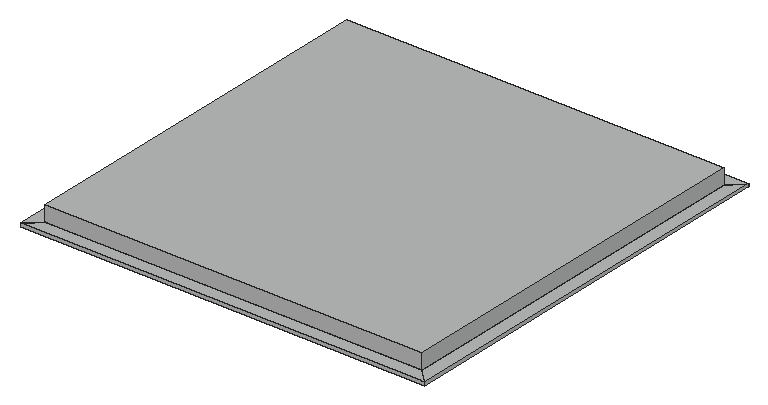
Revit family "AVRORA", category Осветительные приборы, Revit 2019 (continued)
Types (10, lengths in mm): name | built-in parameter 1150134 | Файл фотометрической сетки | built-in parameter 1150142 | built-in parameter 1150107 | Emit from Rectangle Width | Emit from Rectangle Length | Длина | Ширина | ADSK_Обозначение | ADSK_Наименование | ADSK_Код изделия
     657.800 617.600 577.300 536.400 495.300 453.500 410.300 367.400 325.600 284.400 243.600 204.000 165.000 128.500 93.800 \r\n62.400 33.800 5.100 0.800 \r\n1326.200 1325.300 1321.300 1314.700 1306.100 1296.200 1283.600 1269.300 1252.500 1233.900 1213.200 1191.000 1166.900 1141.000 1113.600 1084.600 1055.100 1023.500 991.000 \r\n957.200 922.100 887.500 850.400 813.500 775.200 736.700 697.400 657.700 617.600 577.200 536.300 495.200 453.500 410.300 366.900 325.700 284.200 243.600 203.100 164.500 128.400 94.300 \r\n61.400 33.200 5.400 0.700 \r\n1326.200 1324.500 1321.200 1315.200 1306.600 1295.700 1283.900 1269.200 1252.400 1233.500 1213.300 1191.600 1166.600 1140.800 1113.400 1084.600 1055.000 1023.100 990.900 \r\n957.100 922.000 887.100 850.300 812.800 774.900 736.900 697.400 657.600 617.600 576.900 536.100 495.000 453.100 410.200 366.500 325.600 283.700 243.600 202.400 164.100 128.000 94.100 \r\n61.100 32.500 5.400 0.700 \r\n1326.700 1324.600 1321.300 1314.400 1306.100 1296.200 1283.300 1269.100 1252.600 1233.300 1213.200 1190.400 1166.700 1141.200 1113.100 1084.500 1054.800 1023.200 991.100 \r\n957.100 922.100 886.900 850.200 812.800 775.100 736.500 697.200 657.500 617.700 576.800 536.200 494.800 452.800 409.600 366.900 325.500 283.400 243.800 202.400 163.700 127.600 93.600 \r\n61.500 31.300 5.400 0.700 \r\n1326.500 1324.800 1321.500 1314.700 1306.600 1296.100 1283.900 1269.200 1252.200 1233.100 1212.900 1190.700 1166.500 1140.300 1113.600 1084.800 1054.800 1023.000 990.900 \r\n957.100 922.300 886.400 850.200 812.300 775.500 736.700 697.000 657.400 617.500 576.700 535.900 494.900 452.700 409.300 366.700 325.500 283.400 243.800 202.700 163.700 127.300 92.900 \r\n61.300 30.300 5.200 0.700 \r\n1326.400 1324.900 1321.400 1315.000 1305.700 1296.400 1283.900 1269.200 1252.000 1233.300 1212.600 1190.400 1166.300 1140.300 1113.700 1084.900 1054.500 1023.000 990.700 \r\n957.200 922.000 887.000 850.100 812.700 774.800 736.400 697.100 657.400 617.100 576.700 535.900 494.900 452.600 409.000 366.300 325.600 283.000 243.800 202.700 163.900 127.400 92.500 \r\n60.800 31.000 4.600 0.600 \r\n1326.100 1325.100 1321.100 1314.900 1306.200 1296.400 1284.500 1269.200 1251.900 1233.300 1212.600 1190.600 1166.100 1140.100 1113.700 1084.600 1054.700 1023.200 990.500 \r\n957.000 921.900 886.500 849.700 812.700 774.800 736.300 696.700 657.300 617.100 576.600 535.700 494.500 452.400 408.800 366.000 325.400 282.700 243.800 202.700 163.900 127.800 92.500 \r\n60.300 30.600 4.000 0.600 \r\n1326.000 1325.200 1321.300 1315.600 1307.200 1296.000 1283.600 1269.300 1252.300 1232.900 1212.700 1191.000 1166.100 1140.900 1113.600 1084.900 1054.400 1022.900 990.300 \r\n956.800 921.800 887.100 849.800 812.200 774.200 736.400 696.700 657.300 617.000 576.500 535.700 494.200 452.200 408.400 366.400 325.300 282.900 243.700 202.700 163.700 127.800 92.800 \r\n60.700 30.000 4.000 0.500 \r\n1326.600 1325.400 1321.300 1315.100 1306.600 1295.900 1283.900 1269.200 1251.800 1232.900 1212.800 1190.600 1166.200 1140.600 1112.500 1084.700 1053.900 1022.700 990.300 \r\n956.600 921.700 886.100 849.700 813.000 774.100 736.400 696.700 657.200 617.000 576.500 535.600 494.500 451.900 408.400 365.900 325.200 282.600 243.700 202.700 163.600 127.800 92.800 \r\n61.000 30.500 3.900 0.500 \r\n1326.700 1325.000 1321.000 1314.600 1307.500 1296.000 1283.300 1268.900 1251.700 1232.900 1212.700 1190.100 1166.000 1140.500 1112.400 1084.300 1053.700 1022.500 990.300 \r\n956.500 921.500 886.600 849.600 812.400 774.600 736.000 696.600 657.100 616.600 576.500 535.500 494.000 452.000 408.400 365.900 325.100 282.800 243.500 202.700 163.400 127.800 92.800 \r\n61.100 30.900 4.000 0.500 \r\n1326.200 1324.900 1321.200 1314.900 1307.000 1296.000 1283.800 1268.600 1251.800 1232.700 1212.500 1190.100 1165.400 1140.600 1112.900 1084.000 1053.600 1022.500 990.100 \r\n956.300 921.500 886.100 849.500 812.200 774.400 735.700 696.900 657.000 616.800 576.300 535.200 494.200 452.000 408.300 365.800 325.000 282.600 243.400 202.600 163.300 127.700 92.800 \r\n61.200 30.900 4.000 0.500 \r\n1326.000 1325.500 1321.200 1314.500 1306.300 1296.100 1283.700 1268.800 1251.800 1233.200 1212.400 1189.500 1165.600 1139.900 1113.200 1084.000 1054.000 1022.600 989.900 \r\n956.200 921.400 885.800 849.300 812.000 774.300 735.800 696.500 656.800 616.500 576.300 535.100 494.000 451.800 408.300 365.700 324.800 282.700 243.300 202.500 163.300 127.700 92.700 \r\n61.200 30.900 4.000 0.500 \r\n1326.200 1324.600 1321.200 1314.900 1307.200 1296.000 1283.400 1268.900 1252.200 1233.000 1212.200 1190.100 1165.400 1140.200 1112.700 1084.100 1054.200 1022.500 989.500 \r\n956.200 921.100 885.700 849.000 811.600 773.700 735.400 696.200 656.700 616.400 576.200 535.000 493.700 451.700 408.300 365.600 324.800 282.500 243.300 202.400 163.500 127.700 92.800 \r\n61.200 30.900 3.800 0.500 \r\n1326.200 1325.100 1321.000 1315.300 1306.600 1296.000 1283.700 1268.700 1252.300 1232.800 1212.300 1190.500 1165.300 1139.800 1112.400 1084.200 1053.700 1022.200 989.500 \r\n956.000 921.000 885.100 849.000 812.000 774.600 735.300 696.000 656.600 616.400 575.900 534.700 493.600 451.700 408.200 365.500 324.700 282.500 243.300 202.300 163.600 127.800 92.800 \r\n61.200 30.600 4.700 0.600 \r\n1326.600 1323.700 1321.200 1315.200 1307.200 1295.800 1283.100 1268.900 1251.600 1232.600 1212.200 1189.800 1165.500 1139.900 1112.600 1084.000 1053.800 1022.200 989.800 \r\n956.000 921.000 885.500 849.200 812.000 774.700 735.300 696.100 656.300 616.200 575.800 534.700 493.600 451.700 408.300 365.600 324.600 282.500 243.300 202.100 163.700 127.800 92.900 \r\n61.100 30.200 5.300 0.600 \r\n1326.400 1324.100 1321.300 1314.900 1306.800 1295.600 1283.500 1269.100 1251.600 1232.500 1212.100 1189.900 1165.400 1139.800 1112.000 1083.600 1053.500 1022.200 989.700 \r\n955.800 920.800 885.100 849.100 811.200 773.600 735.100 695.800 656.200 616.200 575.700 534.500 493.500 451.400 408.200 365.600 324.500 282.400 243.300 202.000 163.900 127.800 93.100 \r\n60.800 30.500 5.300 0.600 \r\n1326.300 1324.400 1321.300 1314.800 1306.100 1295.700 1283.400 1268.800 1251.900 1232.700 1212.100 1190.100 1165.400 1139.800 1112.400 1083.500 1053.500 1022.100 989.800 \r\n955.700 920.900 885.200 849.000 811.000 774.000 735.100 695.800 656.100 616.000 575.400 534.400 493.400 451.400 408.300 365.500 324.400 282.700 243.200 202.100 163.900 127.700 93.100 \r\n60.300 30.800 5.100 0.600 \r\n1326.400 1324.000 1321.400 1315.600 1306.300 1295.800 1283.100 1268.500 1252.000 1232.600 1212.300 1189.200 1165.500 1139.600 1112.900 1083.800 1053.600 1021.900 989.700 \r\n955.800 920.800 885.600 848.800 811.500 773.600 735.000 695.700 655.800 615.800 575.400 534.200 493.100 451.500 408.500 365.500 324.300 282.900 243.200 202.100 164.000 127.700 93.000 \r\n60.400 31.400 4.500 0.700 \r\n1326.300 1323.700 1321.200 1315.000 1306.500 1295.700 1283.300 1268.400 1251.800 1232.300 1212.000 1189.600 1165.500 1139.600 1112.000 1083.600 1053.400 1022.100 989.500 \r\n955.700 920.500 885.400 848.600 811.100 773.800 734.800 695.600 655.500 615.500 575.400 534.100 493.100 451.400 408.700 365.700 324.300 283.100 243.200 202.400 164.000 127.400 92.700 \r\n61.000 32.500 4.400 0.700 \r\n1326.300 1324.500 1321.300 1315.200 1306.500 1295.800 1282.500 1268.500 1251.700 1232.300 1211.900 1189.600 1165.400 1139.300 1111.800 1083.400 1052.900 1021.800 989.500 \r\n955.500 920.400 885.200 848.400 811.000 773.200 734.600 695.700 655.300 615.500 575.100 533.900 492.800 451.300 408.500 365.800 324.200 283.400 243.100 203.000 164.000 127.000 92.700 \r\n61.100 33.000 4.700 0.800 \r\n1326.400 1324.000 1321.000 1315.200 1306.400 1295.800 1283.300 1268.700 1251.600 1232.700 1211.900 1188.900 1165.200 1139.000 1111.500 1083.500 1053.000 1021.500 989.100 \r\n955.300 920.300 884.800 848.500 810.700 773.400 734.500 695.300 655.300 615.300 574.900 533.800 492.800 451.300 409.000 366.000 324.200 283.800 243.000 203.700 163.800 126.500 93.000 \r\n61.400 33.200 6.400 0.800 \r\n1326.200 1324.600 1320.800 1314.900 1305.700 1295.500 1283.200 1268.400 1251.900 1232.800 1211.900 1189.700 1165.100 1139.400 1111.900 1083.300 1053.400 1021.500 989.200 \r\n955.400 920.200 884.800 848.400 810.800 772.400 734.400 695.100 655.100 615.000 574.700 533.600 492.500 451.300 408.800 366.000 324.300 283.900 242.800 204.200 163.500 126.300 93.500 \r\n62.100 33.300 6.700 0.800 \r\n1326.400 1324.100 1320.800 1315.300 1305.700 1295.800 1283.400 1268.400 1251.700 1232.700 1211.700 1189.700 1165.100 1139.400 1112.500 1083.500 1053.300 1021.700 989.100 \r\n955.400 920.300 885.100 848.200 810.600 773.200 734.300 695.000 654.900 614.700 574.500 533.400 492.600 451.300 408.900 366.300 324.200 283.700 242.800 204.300 163.100 126.400 93.500 \r\n62.900 33.400 6.600 0.900 \r\n1326.300 1324.600 1320.800 1314.900 1306.300 1295.800 1283.900 1268.300 1251.600 1232.600 1211.700 1189.600 1165.200 1139.700 1112.000 1083.300 1053.400 1021.500 989.000 \r\n955.200 920.200 884.800 848.100 811.000 772.700 734.300 694.900 654.900 614.800 574.200 533.300 492.700 451.100 409.000 366.700 324.300 283.900 242.800 204.200 162.600 126.800 93.500 \r\n63.500 33.000 6.300 0.900 \r\n1326.600 1324.500 1320.600 1314.700 1307.400 1295.700 1283.200 1268.300 1251.600 1232.900 1211.800 1189.600 1165.100 1139.900 1112.000 1083.300 1052.800 1021.400 988.900 \r\n955.000 920.000 884.700 847.900 810.300 772.100 734.100 694.400 654.700 614.600 574.000 533.100 492.100 451.000 408.900 367.100 324.500 283.900 242.900 204.100 162.400 127.000 93.500 \r\n63.900 32.400 6.000 0.900 \r\n1326.400 1324.800 1320.700 1314.600 1307.100 1295.500 1283.400 1268.200 1251.200 1232.600 1211.900 1189.800 1165.300 1139.300 1112.200 1082.900 1053.300 1021.300 988.800 \r\n955.000 920.000 883.700 847.800 810.300 772.100 733.900 694.400 654.600 614.300 573.800 533.000 492.000 450.800 408.800 367.300 324.800 283.800 243.200 204.200 162.800 127.000 94.700 \r\n64.300 32.100 6.900 0.900 \r\n1326.400 1324.500 1320.800 1314.300 1305.700 1295.600 1283.100 1268.300 1251.400 1232.600 1211.900 1188.900 1165.200 1139.600 1111.300 1082.700 1052.200 1021.400 988.700 \r\n955.000 920.000 884.600 847.600 810.200 772.300 733.700 693.900 654.500 614.300 573.700 532.700 492.400 450.600 409.000 367.600 325.100 283.600 243.300 204.100 163.300 127.900 95.300 \r\n64.700 32.800 7.800 1.000 \r\n1326.000 1324.200 1321.100 1314.700 1306.700 1295.500 1283.600 1268.000 1251.700 1232.400 1211.800 1189.000 1165.200 1138.800 1112.100 1082.800 1052.600 1021.200 988.700 \r\n954.800 919.800 883.800 847.600 810.000 772.500 733.700 694.300 654.300 614.000 573.500 532.500 492.200 450.400 409.000 367.600 325.500 283.800 243.400 203.900 163.800 129.200 96.300 \r\n64.900 33.500 8.700 1.000 \r\n1326.100 1325.000 1321.200 1314.400 1306.600 1295.700 1283.300 1268.100 1251.700 1232.300 1211.700 1188.700 1165.300 1139.500 1112.000 1082.700 1052.300 1021.400 988.500 \r\n954.700 919.700 883.900 847.500 810.100 772.500 733.400 694.300 654.200 613.900 573.300 532.300 491.600 450.300 408.700 367.800 325.900 283.900 243.800 204.100 164.100 129.500 97.300 \r\n65.000 34.400 9.400 1.000 \r\n1326.200 1324.700 1321.000 1314.400 1306.500 1295.900 1283.600 1268.500 1251.700 1232.400 1211.700 1189.200 1165.200 1139.300 1111.500 1082.600 1052.400 1021.400 988.600 \r\n954.500 919.700 883.900 847.500 810.000 772.300 733.300 694.000 654.000 614.000 573.200 532.100 491.400 450.100 408.700 367.900 326.300 284.100 244.300 204.700 165.700 130.600 97.600 \r\n65.100 35.500 10.100 1.000 \r\n1326.400 1324.500 1321.200 1315.200 1306.800 1295.900 1282.600 1268.700 1251.600 1232.600 1212.100 1188.700 1165.600 1139.000 1111.700 1082.600 1052.700 1021.300 988.500 \r\n954.600 919.600 883.700 847.200 810.200 771.500 733.100 693.900 654.000 613.700 573.200 532.000 491.000 449.900 408.400 367.800 326.500 284.500 244.600 205.500 165.300 130.900 97.600 \r\n65.100 36.600 10.400 1.000 \r\n1326.300 1324.800 1321.400 1314.700 1305.900 1295.900 1283.000 1268.500 1251.700 1232.600 1212.200 1189.300 1165.400 1139.200 1111.700 1082.600 1052.200 1021.300 988.500 \r\n954.700 919.600 884.300 847.200 809.900 771.700 733.000 693.800 653.800 613.600 573.000 531.900 491.000 449.700 408.400 367.600 326.500 284.700 244.700 206.300 165.600 131.000 97.500 \r\n65.000 37.400 10.100 1.000 \r\n1326.100 1324.600 1321.400 1314.700 1306.300 1295.900 1282.500 1268.600 1251.600 1232.700 1212.000 1189.200 1165.200 1138.900 1112.600 1083.000 1052.600 1021.100 988.700 \r\n954.600 919.500 884.200 847.200 810.000 771.000 733.000 693.900 653.700 613.400 572.800 531.700 490.800 449.600 408.300 367.500 326.600 285.000 244.900 206.700 166.700 131.000 97.600 \r\n64.600 38.400 9.800 0.900 \r\n1326.000 1324.800 1321.100 1314.200 1306.300 1295.800 1283.400 1268.700 1251.500 1232.800 1212.000 1189.400 1165.000 1139.200 1112.000 1082.900 1052.600 1021.200 988.700 \r\n954.700 919.600 884.000 847.100 809.700 771.500 732.900 693.900 653.600 613.300 572.700 531.500 490.700 449.300 408.100 367.500 326.700 285.700 245.400 206.700 167.000 131.600 98.000 \r\n63.600 39.100 10.000 0.900 \r\n1326.000 1324.300 1321.200 1314.500 1306.600 1295.600 1283.000 1268.600 1251.600 1232.200 1211.900 1188.800 1165.000 1139.600 1112.000 1082.900 1052.600 1021.200 988.500 \r\n954.500 919.600 884.300 847.000 809.600 771.200 732.800 693.600 653.400 613.300 572.500 531.400 490.300 449.200 408.100 367.300 326.700 286.200 246.200 206.400 167.100 132.800 \r\n99.500 63.300 39.700 10.400 0.900 \r\n1326.000 1323.500 1321.000 1314.600 1306.600 1295.700 1282.900 1268.700 1251.500 1232.800 1211.900 1189.400 1165.100 1139.400 1112.000 1082.900 1052.900 1021.200 988.600 \r\n954.600 919.500 883.800 847.100 809.300 771.600 732.800 693.400 653.300 613.400 572.500 531.200 490.700 449.300 407.900 367.200 326.700 286.400 246.900 207.300 168.100 133.300 \r\n99.800 63.200 39.900 10.800 0.900 \r\n1326.100 1324.700 1321.000 1314.900 1306.800 1295.800 1283.600 1268.900 1251.400 1232.900 1211.800 1189.200 1165.300 1139.200 1112.200 1083.000 1052.400 1021.300 988.500 \r\n954.400 919.500 883.900 846.900 809.800 771.400 733.000 693.700 653.300 613.200 572.500 531.100 490.200 449.200 407.900 367.000 326.600 286.500 247.300 207.900 168.700 133.600 \r\n99.800 65.000 38.900 11.300 0.900 \r\n1326.200 1324.600 1321.200 1314.600 1306.400 1296.000 1282.800 1268.700 1251.600 1232.900 1212.000 1189.100 1165.100 1139.400 1111.900 1082.900 1052.800 1021.200 988.500 \r\n954.300 919.500 883.900 847.000 809.400 771.300 732.900 693.400 653.200 613.100 572.400 531.000 490.100 449.000 407.400 366.900 326.400 286.600 247.500 208.500 168.900 133.700 \r\n99.700 64.800 37.300 11.900 0.900 \r\n1326.000 1324.400 1321.000 1315.200 1306.500 1295.800 1284.200 1268.500 1251.700 1233.600 1211.900 1190.000 1165.300 1139.500 1111.300 1083.100 1052.900 1021.300 988.400 \r\n954.400 919.500 883.500 847.100 809.700 771.500 732.800 693.200 653.100 613.200 572.300 530.900 490.200 448.800 407.600 366.800 326.300 286.400 247.600 208.800 169.300 134.100 \r\n100.300 66.300 36.000 12.700 0.800 \r\n1326.100 1324.500 1321.200 1314.900 1306.400 1296.000 1282.700 1268.600 1251.500 1233.500 1212.000 1190.400 1165.400 1139.500 1112.100 1083.300 1052.200 1021.400 988.500 \r\n954.500 919.500 883.700 847.200 809.700 771.400 732.600 693.400 653.100 612.900 572.300 530.900 490.000 448.600 407.100 366.800 326.200 286.200 247.500 209.300 169.600 134.800 \r\n101.000 66.900 35.900 13.500 0.800 \r\n1326.100 1324.900 1321.400 1314.900 1305.700 1296.000 1283.900 1268.700 1251.400 1233.000 1211.900 1189.300 1165.500 1139.300 1113.700 1083.300 1053.000 1021.100 988.500 \r\n954.400 919.400 883.800 847.200 810.000 771.400 732.600 693.000 653.000 612.800 572.100 530.700 489.600 448.600 407.300 366.400 326.000 286.300 247.400 209.500 170.200 134.900 \r\n101.100 68.300 36.700 14.300 0.800 \r\n1326.000 1323.500 1321.400 1314.900 1306.600 1296.200 1284.000 1269.000 1251.700 1233.200 1212.000 1189.600 1165.500 1139.500 1112.800 1083.500 1052.800 1021.300 988.700 \r\n954.500 919.600 884.000 847.200 809.800 771.100 732.600 693.200 653.000 612.800 571.900 530.600 489.800 448.500 407.100 366.300 325.900 286.000 247.300 209.500 170.600 135.200 \r\n100.200 69.000 37.100 15.100 0.800 \r\n1326.000 1324.400 1321.200 1314.700 1306.200 1296
